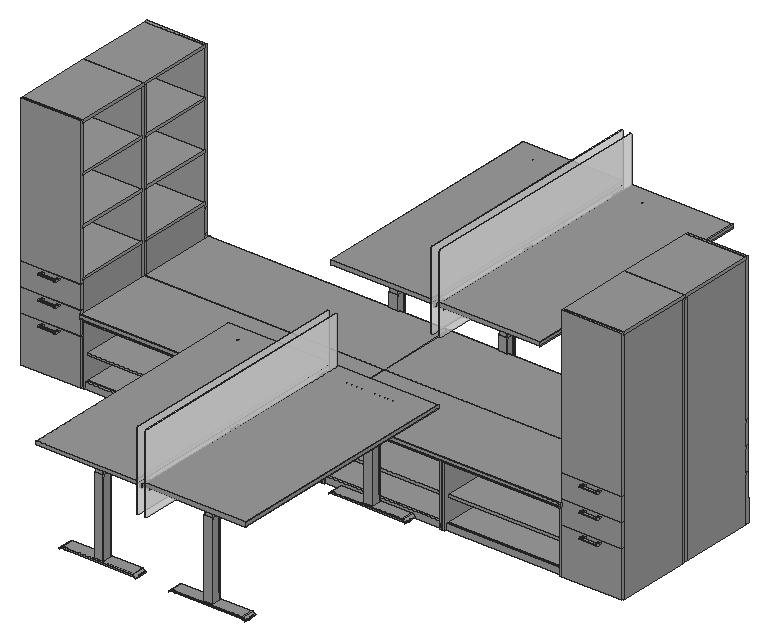
Revit family "JSI-Vision-Typical_Laminate-VST015", category Furniture, Revit 2020 (continued)
Definition of nested family "JSI-Vision-Adj_Table_Standard_Range"
  Definition of nested family "Adj Base"
    Dimensions and locks (in)
      Extrusion 11 to Extrusion 3 to plane 5 = 5.86615" locked, 17.88976" locked
      Extrusion 2 to Extrusion 3 to plane 3 "Center (Left/Right)" = 5.86615" locked, 17.88976" locked
      Revolve 12 sketch curve to Revolve 12 sketch curve to Revolve 12 sketch curve to plane 7 = 0.1964" locked, 0.63019" locked, 0.15765" locked
      Revolve 13 sketch curve to Revolve 13 sketch curve to Revolve 13 sketch curve = 0.1964" locked, 0.63019" locked
      Revolve 13 to plane 1 "Center (Front/Back)" to Revolve 12 = 10.27547" locked, 10.27559" locked
      Revolve 14 sketch curve to Revolve 14 sketch curve to Revolve 14 sketch curve to plane 8 = 0.1964" locked, 0.63019" locked, 0.15765" locked
      Revolve 15 sketch curve to Revolve 15 sketch curve to Revolve 15 sketch curve = 0.1964" locked, 0.63019" locked
      Revolve 15 to Revolve 14 = 20.55106"
      Revolve 14 to plane 1 "Center (Front/Back)" to Revolve 15 = 10.27559" locked, 10.27547" locked
      locked: Extrusion 16 sketch curve to Extrusion 16 sketch curve at 0.62992
      Extrusion 16 sketch curve to plane 1 "Center (Front/Back)" to Extrusion 16 sketch curve = 11.14173" locked, 11.14173" locked
      "W Top": plane 3 "Center (Left/Right)" to plane 5
      locked: plane 3 "Center (Left/Right)" to plane 7 at 6.09647
      locked: plane 8 to plane 5 at 6.09647
      aligned and locked: plane 2 to level
      aligned and locked: Extrusion 7 to Extrusion 4
      aligned and locked: Extrusion 8 to Extrusion 1
      aligned and locked: Extrusion 3 sketch curve to Extrusion 3 sketch curve  (x2)
      aligned and locked: Extrusion 9 sketch curve to plane 6  (x2)
      aligned and locked: Extrusion 9 sketch curve to Extrusion 9 sketch curve  (x2)
      aligned and locked: Extrusion 2 to cut or joined group of Extrusion 9, Extrusion 10
      aligned and locked: Extrusion 10 sketch curve to Extrusion 10 sketch curve
      aligned and locked: Extrusion 11 to cut or joined group of Extrusion 9, Extrusion 10
      aligned and locked: plane 7 to Revolve 12 sketch curve
      aligned and locked: plane 8 to Revolve 14 sketch curve
      aligned and locked: curve 1 to Extrusion 4
      aligned and locked: curve 2 to Extrusion 4
      aligned and locked: curve 3 to Extrusion 4
      aligned and locked: curve 4 to Extrusion 4
      aligned and locked: curve 5 to Extrusion 6
      aligned and locked: Extrusion 6 to curve 6
      aligned and locked: curve 7 to Extrusion 6
      aligned and locked: curve 8 to Extrusion 6
      aligned and locked: curve 9 to cut or joined group of Extrusion 9, Extrusion 10
      aligned and locked: curve 10 to cut or joined group of Extrusion 9, Extrusion 10
      aligned and locked: cut or joined group of Extrusion 9, Extrusion 10 to curve 11
      aligned and locked: curve 12 to cut or joined group of Extrusion 9, Extrusion 10
      aligned and locked: curve 13 to cut or joined group of Extrusion 9, Extrusion 10
      aligned and locked: curve 14 to cut or joined group of Extrusion 9, Extrusion 10
      aligned and locked: curve 15 to cut or joined group of Extrusion 9, Extrusion 10
      aligned and locked: curve 16 to cut or joined group of Extrusion 9, Extrusion 10
      aligned and locked: Extrusion 2 to curve 31
      aligned and locked: Extrusion 2 to curve 32
      aligned and locked: Extrusion 11 to curve 31
      aligned and locked: Extrusion 11 to curve 32
      aligned and locked: Extrusion 2 to curve 33
      aligned and locked: Extrusion 2 to curve 34
      aligned and locked: Extrusion 11 to curve 33
      aligned and locked: Extrusion 11 to curve 34
    Automatic sketch dimensions
      Extrusion 3 sketch curve to Extrusion 3 sketch curve = 0.1181"  (x3)
      level to Extrusion 4 sketch curve = 1.1022"  (x2)
      Extrusion 4 sketch curve to Extrusion 4 sketch curve = 0.1607"  (x2)
      level to Extrusion 4 sketch curve = 0.99371"
      Extrusion 4 sketch curve to Extrusion 4 sketch curve = 0.07561"
      Extrusion 4 sketch curve to Extrusion 4 sketch curve = 0.08017"
      level to Extrusion 4 sketch curve = 0.99365"
      Extrusion 4 sketch curve to Extrusion 4 sketch curve = 0.09554"
      Extrusion 4 sketch curve to Extrusion 4 sketch curve = 0.01252"
      level to Extrusion 6 sketch curve = 0.4268"
      plane 1 "Center (Front/Back)" to Extrusion 6 sketch curve = 11.48879"
      level to Extrusion 6 sketch curve = 1.1022"  (x2)
      Extrusion 6 sketch curve to Extrusion 6 sketch curve = 0.1607"  (x2)
      level to Extrusion 6 sketch curve = 0.99371"
      Extrusion 6 sketch curve to Extrusion 6 sketch curve = 0.08017"
      level to Extrusion 6 sketch curve = 0.99365"
      Extrusion 6 sketch curve to Extrusion 6 sketch curve = 0.08035"
      level to Extrusion 16 sketch curve = 0.89789"
      level to Extrusion 16 sketch curve = 0.99365"
      Extrusion 16 sketch curve to Extrusion 16 sketch curve = 0.08035"
      Extrusion 16 sketch curve to Extrusion 16 sketch curve = 0.62321"
      Extrusion 16 sketch curve to Extrusion 16 sketch curve = 0.54294"
      Extrusion 16 sketch curve to Extrusion 16 sketch curve = 0.08017"
      Extrusion 16 sketch curve to Extrusion 16 sketch curve = 0.14516"  (x2)
      Extrusion 16 sketch curve to Extrusion 16 sketch curve = 0.12472"
      Extrusion 1 sketch curve to Extrusion 1 sketch curve = 0.5621"
      Extrusion 2 sketch curve to Extrusion 2 sketch curve = 0.0984"  (x4)
      Extrusion 2 sketch curve to plane 6 = 1.49606"  (x2)
      Extrusion 2 sketch curve to plane 6 = 0.21319"  (x2)
      level to Extrusion 5 sketch curve = 0.99371"
      Extrusion 5 sketch curve to Extrusion 5 sketch curve = 0.54294"
      Extrusion 5 sketch curve to Extrusion 5 sketch curve = 0.08017"
      Extrusion 5 sketch curve to Extrusion 5 sketch curve = 0.62321"
      level to Extrusion 5 sketch curve = 0.99365"
      Extrusion 5 sketch curve to Extrusion 5 sketch curve = 0.08035"
      Extrusion 5 sketch curve to Extrusion 5 sketch curve = 0.14516"  (x2)
      plane 7 to Extrusion 7 sketch curve = 1.25986"
      Extrusion 7 sketch curve to Extrusion 7 sketch curve = 0.09843"  (x4)
      Extrusion 7 sketch curve to plane 7 = 1.25982"
      plane 8 to Extrusion 7 sketch curve = 1.35825"
      Extrusion 7 sketch curve to plane 8 = 1.25986"
      plane 7 to Extrusion 8 sketch curve = 1.07285"
      Extrusion 8 sketch curve to Extrusion 8 sketch curve = 0.09843"  (x3)
      Extrusion 8 sketch curve to plane 7 = 1.07282"
      plane 8 to Extrusion 8 sketch curve = 1.17124"
      Extrusion 8 sketch curve to plane 8 = 1.14171"
      Extrusion 8 sketch curve to Extrusion 8 sketch curve = 0.07412"
      plane 1 "Center (Front/Back)" to Extrusion 8 sketch curve = 1.17126"
      Extrusion 8 sketch curve to plane 1 "Center (Front/Back)" = 1.02828"
      Extrusion 9 sketch curve to Extrusion 9 sketch curve = 0.00029"  (x2)
      Extrusion 10 sketch curve to plane 6 = 0.86607"  (x2)
      Extrusion 10 sketch curve to Extrusion 10 sketch curve = 0.09543"
      Extrusion 10 sketch curve to plane 6 = 2.12599"  (x2)
      Extrusion 10 sketch curve to Extrusion 10 sketch curve = 0.2863"
      plane 1 "Center (Front/Back)" to Extrusion 11 sketch curve = 2.70667"
      Extrusion 11 sketch curve to Extrusion 11 sketch curve = 3/32"
      Extrusion 11 sketch curve to Extrusion 11 sketch curve = 0.0984"  (x2)
      Extrusion 11 sketch curve to Extrusion 11 sketch curve = 0.09389"
      Extrusion 11 sketch curve to plane 6 = 0.11811"  (x2)
      Extrusion 11 sketch curve to Extrusion 11 sketch curve = 1.18447"
      Extrusion 11 sketch curve to Extrusion 11 sketch curve = 1.1858"
      plane 7 to Revolve 12 sketch curve = 0"
      Revolve 12 sketch curve to level = 0"
      level to Revolve 12 sketch curve = 0.19657"
      Revolve 12 sketch curve to Revolve 12 sketch curve = 0.1964"
      Revolve 12 sketch curve to Revolve 12 sketch curve = 0.55192"
      Revolve 12 sketch curve to Revolve 12 sketch curve = 0.16385"
      Revolve 12 sketch curve to Revolve 12 sketch curve = 0.05111"
      plane 7 to Revolve 13 sketch curve = 0"  (x2)
      plane 7 to Revolve 13 sketch curve = 0.15765"
      Revolve 13 sketch curve to level = 0"
      level to Revolve 13 sketch curve = 0.19657"
      Revolve 13 sketch curve to Revolve 13 sketch curve = 0.1964"
      Revolve 13 sketch curve to Revolve 13 sketch curve = 0.55192"
      Revolve 13 sketch curve to Revolve 13 sketch curve = 0.16385"
      Revolve 13 sketch curve to Revolve 13 sketch curve = 0.05111"
      Revolve 14 sketch curve to level = 0"
      plane 8 to Revolve 14 sketch curve = 0"
      level to Revolve 14 sketch curve = 0.19657"
      Revolve 14 sketch curve to Revolve 14 sketch curve = 0.1964"
      Revolve 14 sketch curve to Revolve 14 sketch curve = 0.55192"
      Revolve 14 sketch curve to Revolve 14 sketch curve = 0.16385"
      Revolve 14 sketch curve to Revolve 14 sketch curve = 0.05111"
      Revolve 15 sketch curve to level = 0"
      plane 8 to Revolve 15 sketch curve = 0"  (x2)
      plane 8 to Revolve 15 sketch curve = 0.15765"
      level to Revolve 15 sketch curve = 0.19657"
      Revolve 15 sketch curve to Revolve 15 sketch curve = 0.1964"
      Revolve 15 sketch curve to Revolve 15 sketch curve = 0.55192"
      Revolve 15 sketch curve to Revolve 15 sketch curve = 0.16385"
      Revolve 15 sketch curve to Revolve 15 sketch curve = 0.05111"
      plane 7 to curve 3 = 1.81102"
      plane 1 "Center (Front/Back)" to curve 28 = 1.91932"
      plane 1 "Center (Front/Back)" to curve 20 = 1.91932"
      curve 30 to plane 8 = 1.91634"
      curve 28 to curve 26 = 0.78735"
      curve 22 to curve 20 = 0.78735"
      curve 18 to plane 1 "Center (Front/Back)" = 1.91932"
      curve 23 to plane 1 "Center (Front/Back)" = 1.91932"
      curve 23 to curve 23 = 0.78735"
      curve 18 to curve 17 = 0.78735"
      curve 24 to curve 25 = 0"
      plane 1 "Center (Front/Back)" to curve 34 = 2.6279"
      plane 1 "Center (Front/Back)" to curve 33 = 2.03689"
      curve 22 to curve 20 = 0.78554"
      curve 23 to curve 32 = 0.1185"
      curve 31 to curve 17 = 0.07868"
      curve 6 to curve 13 = 0"
      curve 9 to curve 4 = 0"
Definition of nested family "JSI-Vision-Lok_Frosted_Acrylic_Privacy_Screen"
  Parameters (values of type "LK-PSP-7224A, Lok Frosted Acrylic Privacy Screen - 72w x 23 3/4h")
    Width = 72"
    URL = "www.jsifurniture.com"
    Type Comments = ""
    Series = "Vision Casegoods"  # constant formula
    Model = "LK-PSP-7224A"
    Material = ""
    Manufacturer = "JSI"  # constant formula
    Keynote = "12500"
    JSI Enviromental Website = "http://www.jsifurniture.com/jsi_sustainability_intro.php"
    Height = 23 3/4"
    Description = "Lok Frosted Acrylic Privacy Screen - 72w x 23 3/4h"
    Depth = 1/4"
    Acrylic Finish = none
    Default Elevation = 0"
    Bracket Finish = none
    Assembly Code = "E2020200"
  Types (3): name | Width | Model | Description
    LK-PSP-4824A, Lok Frosted Acrylic Privacy Screen - 48w x 23 3/4h | 48" | "LK-PSP-4824A" | "Lok Frosted Acrylic Privacy Screen - 48w x 23 3/4h"
    LK-PSP-6024A, Lok Frosted Acrylic Privacy Screen - 60w x 23 3/4h | 60" | "LK-PSP-6024A" | "Lok Frosted Acrylic Privacy Screen - 60w x 23 3/4h"
    LK-PSP-7224A, Lok Frosted Acrylic Privacy Screen - 72w x 23 3/4h | 72" | "LK-PSP-7224A" | "Lok Frosted Acrylic Privacy Screen - 72w x 23 3/4h"
  Reference planes (in)
    plane 1 "Center Front/Back": y = 0
    plane 2: z = 0
    plane 3 "Center Left/Right": x = 0
    plane 4: z = 0
    plane 5: z = 30
    plane 6: x = 72
    plane 7: y = 0.25
    plane 8: x = 1.4375
    plane 9: x = 4.1875
    plane 10: x = 36
    plane 11: x = 70.5625
    plane 12: x = 67.8125
    plane 13: x = 34.62504
    plane 14: x = 37.37496
    plane 15: z = 21.63
    plane 16: z = 45.38
    plane 17: y = 0.6437
  Forms (in)
    Extrusion 1, solid, material <- "Acrylic Finish"
      sketch origin (0, 0, 0) x (1, 0, 0) y (0, 0, 1)
        loop
          arc (0.75, 45.38) -> (0.21967, 45.16033) -> (0, 44.63) r 0.75
          line (0, 44.63) -> (0, 22.38)
          arc (0, 22.38) -> (0.21967, 21.84967) -> (0.75, 21.63) r 0.75
          line (0.75, 21.63) -> (71.25, 21.63)
          arc (71.25, 21.63) -> (71.78033, 21.84967) -> (72, 22.38) r 0.75
          line (72, 22.38) -> (72, 44.63)
          arc (72, 44.63) -> (71.78033, 45.16033) -> (71.25, 45.38) r 0.75
          line (71.25, 45.38) -> (0.75, 45.38)
      from -0.25 to 0
    Extrusion 2, solid, material <- "Bracket Finish"
      sketch origin (0, 0, 0) x (0, 1, 0) y (0, 0, 1)
        loop
          line (-1.5, 30.13) -> (-1.5, 30) -> (-0.13, 30) -> (-0.13, 28.63) -> (0, 28.63) -> (0, 30.13) -> (-1.5, 30.13)
      from 1.4375 to 4.1875
    Extrusion 3, solid, material <- "Bracket Finish"
      sketch origin (12.75, 0, 0) x (0, 1, 0) y (0, 0, 1)
        loop
          line (-1.5, 30.13) -> (-1.5, 30) -> (-0.13, 30) -> (-0.13, 28.63) -> (0, 28.63) -> (0, 30.13) -> (-1.5, 30.13)
      from 21.87504 to 24.62496
    Extrusion 4, solid, material <- "Bracket Finish"
      sketch origin (44, 0, 0) x (0, 1, 0) y (0, 0, 1)
        loop
          line (-1.5, 30.13) -> (-1.5, 30) -> (-0.13, 30) -> (-0.13, 28.63) -> (0, 28.63) -> (0, 30.13) -> (-1.5, 30.13)
      from 23.8125 to 26.5625
    Extrusion 5, solid, material <- "Bracket Finish"
      sketch origin (0, 6, 0) x (1, 0, 0) y (0, 0, 1)
        loop
          arc (1.5, 29.76683) -> (1.45581, 29.74852) -> (1.4375, 29.70433) r 0.0625
          line (1.4375, 29.70433) -> (1.4375, 28.8057)
          arc (1.4375, 28.8057) -> (1.45581, 28.76151) -> (1.5, 28.7432) r 0.0625
          line (1.5, 28.7432) -> (4.125, 28.7432)
          arc (4.125, 28.7432) -> (4.16919, 28.76151) -> (4.1875, 28.8057) r 0.0625
          line (4.1875, 28.8057) -> (4.1875, 29.70433)
          arc (4.1875, 29.70433) -> (4.16919, 29.74852) -> (4.125, 29.76683) r 0.0625
          line (4.125, 29.76683) -> (1.5, 29.76683)
        loop
          arc (34.68746, 29.76683) -> (34.64327, 29.74852) -> (34.62496, 29.70433) r 0.0625
          line (34.62496, 29.70433) -> (34.62496, 28.8057)
          arc (34.62496, 28.8057) -> (34.64327, 28.76151) -> (34.68746, 28.7432) r 0.0625
          line (34.68746, 28.7432) -> (37.31246, 28.7432)
          arc (37.31246, 28.7432) -> (37.35666, 28.76151) -> (37.37496, 28.8057) r 0.0625
          line (37.37496, 28.8057) -> (37.37496, 29.70433)
          arc (37.37496, 29.70433) -> (37.35666, 29.74852) -> (37.31246, 29.76683) r 0.0625
          line (37.31246, 29.76683) -> (34.68746, 29.76683)
        loop
          arc (67.875, 29.76683) -> (67.83081, 29.74852) -> (67.8125, 29.70433) r 0.0625
          line (67.8125, 29.70433) -> (67.8125, 28.8057)
          arc (67.8125, 28.8057) -> (67.83081, 28.76151) -> (67.875, 28.7432) r 0.0625
          line (67.875, 28.7432) -> (70.5, 28.7432)
          arc (70.5, 28.7432) -> (70.54419, 28.76151) -> (70.5625, 28.8057) r 0.0625
          line (70.5625, 28.8057) -> (70.5625, 29.70433)
          arc (70.5625, 29.70433) -> (70.54419, 29.74852) -> (70.5, 29.76683) r 0.0625
          line (70.5, 29.76683) -> (67.875, 29.76683)
      from 5.3563 to 5.75
  Lines and regions (in)
    symbolic lines
      curve 1: line (0, 0.25, 0) -> (72, 0.25, 0)
      curve 2: line (0, 0, 0) -> (0, 0.25, 0)
      curve 3: line (72, 0, 0) -> (0, 0, 0)
      curve 4: line (72, 0.25, 0) -> (72, 0, 0)
      curve 5: line (1.4375, 0.6437, 0) -> (4.1875, 0.6437, 0)
      curve 6: line (1.4375, 0.6437, 0) -> (1.4375, 0.25, 0)
      curve 7: line (4.1875, 0.6437, 0) -> (4.1875, 0.25, 0)
      curve 8: line (34.62504, 0.6437, 0) -> (37.37496, 0.6437, 0)
      curve 9: line (34.62504, 0.6437, 0) -> (34.62504, 0.25, 0)
      curve 10: line (37.37496, 0.6437, 0) -> (37.37496, 0.25, 0)
      curve 11: line (67.8125, 0.6437, 0) -> (70.5625, 0.6437, 0)
      curve 12: line (67.8125, 0.6437, 0) -> (67.8125, 0.25, 0)
      curve 13: line (70.5625, 0.6437, 0) -> (70.5625, 0.25, 0)
    symbolic lines, detail levels medium+fine
      curve 14: line (1.4375, -1.5, 0) -> (4.1875, -1.5, 0)
      curve 15: line (1.4375, 0, 0) -> (1.4375, -1.5, 0)
      curve 16: line (4.1875, -1.5, 0) -> (4.1875, 0, 0)
      curve 17: line (34.62504, -1.5, 0) -> (37.37496, -1.5, 0)
      curve 18: line (34.62504, 0, 0) -> (34.62504, -1.5, 0)
      curve 19: line (37.37496, -1.5, 0) -> (37.37496, 0, 0)
      curve 20: line (67.8125, -1.5, 0) -> (70.5625, -1.5, 0)
      curve 21: line (67.8125, 0, 0) -> (67.8125, -1.5, 0)
      curve 22: line (70.5625, -1.5, 0) -> (70.5625, 0, 0)
  Dimensions and locks (in)
    plane 5 to plane 4 = 30"
    locked: plane 7 to plane 1 "Center Front/Back" at 0.25
    "Width": plane 3 "Center Left/Right" to plane 6
    equal spacing: plane 3 "Center Left/Right", plane 10, plane 6
    plane 3 "Center Left/Right" to plane 8 to plane 9 = 1 7/16" locked, 2 3/4" locked
    plane 12 to plane 11 to plane 6 = 2 3/4" locked, 1 7/16" locked
    plane 13 to plane 10 to plane 14 = 1.37496" locked, 1.37496" locked
    locked: plane 5 to plane 15 at 8.37
    locked: plane 16 to plane 5 at 15.38
    locked: Extrusion 1 sketch curve to plane 3 "Center Left/Right" at 0.75  (x2)
    locked: plane 16 to Extrusion 1 sketch curve at 0.75  (x2)
    locked: Extrusion 1 sketch curve to plane 6 at 0.75  (x2)
    locked: Extrusion 1 sketch curve to plane 15 at 0.75  (x2)
    Extrusion 5 sketch curve to Extrusion 5 sketch curve to Extrusion 5 sketch curve to Extrusion 5 sketch curve to plane 8 = 0" locked, 2 5/8" locked, 0" locked, 1/16" locked
    plane 13 to Extrusion 5 sketch curve to Extrusion 5 sketch curve = 0.06242" locked, 0" locked
    plane 14 to Extrusion 5 sketch curve to Extrusion 5 sketch curve = 1/16" locked, 0" locked
    Extrusion 5 sketch curve to Extrusion 5 sketch curve to plane 12 = 0" locked, 1/16" locked
    plane 11 to Extrusion 5 sketch curve to Extrusion 5 sketch curve = 1/16" locked, 0" locked
    locked: plane 17 to plane 7 at 0.3937
    aligned and locked: level to plane 2
    aligned and locked: plane 3 "Center Left/Right" to Extrusion 1 sketch curve
    aligned and locked: plane 6 to Extrusion 1 sketch curve
    aligned and locked: Extrusion 1 sketch curve to plane 16
    aligned and locked: plane 15 to Extrusion 1 sketch curve
    aligned and locked: plane 7 to Extrusion 1
    aligned and locked: plane 1 "Center Front/Back" to Extrusion 1
    aligned and locked: Extrusion 2 to plane 9
    aligned and locked: plane 8 to Extrusion 2
    aligned and locked: plane 14 to Extrusion 3
    aligned and locked: plane 13 to Extrusion 3
    aligned and locked: plane 11 to Extrusion 4
    aligned and locked: Extrusion 4 to plane 12
    aligned and locked: Extrusion 5 sketch curve to plane 8
    aligned and locked: plane 9 to Extrusion 5 sketch curve
    aligned and locked: Extrusion 5 to plane 7
    aligned and locked: plane 17 to Extrusion 5
    aligned and locked: plane 3 "Center Left/Right" to curve 2
    aligned and locked: curve 3 to plane 1 "Center Front/Back"
    aligned and locked: curve 1 to plane 7
    aligned and locked: plane 6 to curve 4
    aligned and locked: plane 8 to curve 5
    aligned and locked: plane 9 to curve 5
    aligned and locked: curve 5 to plane 17
    aligned and locked: plane 7 to curve 6
    aligned and locked: plane 17 to curve 7
    aligned and locked: plane 13 to curve 8
    aligned and locked: curve 8 to plane 17
    aligned and locked: curve 10 to plane 14
    aligned and locked: plane 12 to curve 11
    aligned and locked: plane 11 to curve 11
    aligned and locked: curve 11 to plane 17
    aligned and locked: plane 17 to curve 13
    aligned and locked: curve 14 to Extrusion 2
    aligned and locked: curve 15 to Extrusion 2
    aligned and locked: curve 16 to Extrusion 2
    aligned and locked: curve 17 to Extrusion 3
    aligned and locked: curve 18 to Extrusion 3
    aligned and locked: curve 19 to Extrusion 3
    aligned and locked: curve 20 to Extrusion 4
    aligned and locked: curve 21 to Extrusion 4
    aligned and locked: curve 22 to Extrusion 4
  Automatic sketch dimensions
    Extrusion 2 sketch curve to plane 5 = 0"
    Extrusion 2 sketch curve to plane 1 "Center Front/Back" = 0"
    plane 1 "Center Front/Back" to Extrusion 2 sketch curve = 0.13"
    Extrusion 2 sketch curve to Extrusion 2 sketch curve = 1.37"  (x2)
    plane 5 to Extrusion 2 sketch curve = 0.13"
    Extrusion 3 sketch curve to plane 5 = 0"
    Extrusion 3 sketch curve to plane 1 "Center Front/Back" = 0"
    Extrusion 3 sketch curve to Extrusion 3 sketch curve = 0.13"
    Extrusion 3 sketch curve to Extrusion 3 sketch curve = 1.37"
    Extrusion 3 sketch curve to plane 5 = 1.37"
    plane 5 to Extrusion 3 sketch curve = 0.13"
    Extrusion 4 sketch curve to plane 5 = 0"
    Extrusion 4 sketch curve to plane 1 "Center Front/Back" = 0"
    Extrusion 4 sketch curve to Extrusion 4 sketch curve = 0.13"
    Extrusion 4 sketch curve to Extrusion 4 sketch curve = 1.37"
    Extrusion 4 sketch curve to plane 5 = 1.37"
    plane 5 to Extrusion 4 sketch curve = 0.13"
    Extrusion 5 sketch curve to plane 14 = 0"
    Extrusion 5 sketch curve to plane 12 = 0"
    Extrusion 5 sketch curve to plane 11 = 0"
    plane 13 to Extrusion 5 sketch curve = 0.00008"
    Extrusion 5 sketch curve to plane 5 = 1.2568"  (x3)
    Extrusion 5 sketch curve to plane 5 = 0.29567"  (x3)
